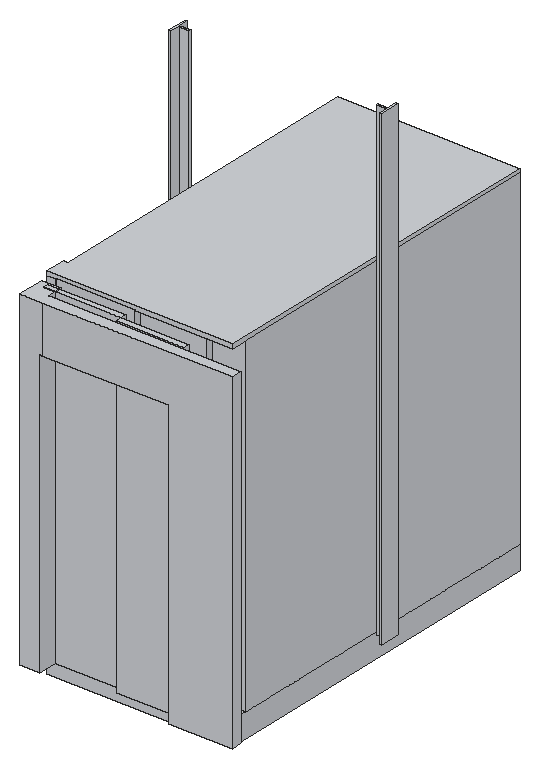
Revit family "M_Ascensor elétrico- com base na parede", category Equipamento especial, Revit 2019
Family settings
  Hospedeiro = Parede
  Cota do conector redondo = Utilizar diâmetro
  Tipo de parte = Normal
  Número OmniClass = 23.50.05.14
  Título OmniClass = Lifts
  ID de item do Seek = Electric Lift- wall based-0000-CAN-ENU
  Sempre na vertical = Sim
  Corte com vazios quando carregada = Não
  Compartilhado = Não
  Ponto de cálculo do ambiente = Não
Parameters (values of type "2100 x 1100mm")
  Largura = 1100 mm
  Fabricante = "Revit"
  Altura do nível = 3000 mm
  Comprimento = 2100 mm
  Material da porta = none
  D1 = 1000 mm
  Código de montagem = "D1010"
Types (3, lengths in mm): name | Largura | Comprimento | D1
  1300 x 950mm | 950 | 1300 | 520
  1400 x 1100mm | 1100 | 1400 | 620
  2100 x 1100mm | 1100 | 2100 | 1000
Reference planes
  plane 1: y = 0
  plane 2 "Centro (Esquerda/Direita)": x = 125
  plane 3 "Parte posterior": y = 100
  plane 4: x = -465.004
  plane 5: x = 875
  plane 6: z = 3000
Forms (mm)
  Extrusion 1, solid, material <- "Material da porta"
    sketch origin (0, -115, 0) x (1, 0, 0) y (0, 1, 0)
      loop
        line (74, 325.861) -> (74, 289.861) -> (498, 289.861) -> (498, 325.861) -> (74, 325.861)
      loop
        line (-415.003, 281) -> (-415.003, 245) -> (80, 245) -> (80, 281) -> (-415.003, 281)
      loop
        line (75, 179.5) -> (-415, 179.5) -> (-415, 143.5) -> (75, 143.5) -> (75, 179.5)
      loop
        line (505, 138) -> (79, 138) -> (79, 102) -> (505, 102) -> (505, 138)
    from 0 to 2100
  Extrusion 2, solid
    sketch origin (0, 0, 0) x (1, 0, 0) y (0, 1, 0)
      loop
        line (-465.004, -95.421) -> (-325.004, -95.421) -> (875, -95.421) -> (875, -25.421) -> (-342.004, -25.421) -> (-342.004, 74.579) -> (-465.004, 74.579) -> (-465.004, -95.421)
    from 0 to 2100
  Extrusion 3, void
    sketch origin (-325.004, -95.421, 2100) x (0, 0, 1) y (1, 0, 0)
      loop
        line (-2100, -17) -> (-300, -17) -> (-300, 800.004) -> (-2100, 800.004) -> (-2100, -17)
    from 0 to 195.421
  Extrusion 4, solid
    sketch origin (0, 0, 0) x (1, 0, 0) y (0, 1, 0)
      loop
        line (-450, 2390) -> (-450, 260.001) -> (-475, 260.001) -> (-475, 130) -> (-417.004, 130) -> (-417.004, 214.002) -> (-392.004, 214.002) -> (-392.004, 260.001) -> (-425, 260.001) -> (-425, 1130) -> (-410.239, 1130) -> (-410.239, 1360) -> (-425, 1360) -> (-425, 2360) -> (675, 2360) -> (675, 260) -> (475, 260) -> (475, 232.175) -> (700, 232.175) -> (700, 2390) -> (-450, 2390)
    from 0 to 2100
  Extrusion 5, solid
    sketch origin (0, 0, 2100) x (1, 0, 0) y (0, 1, 0)
      loop
        line (-450, 2390) -> (-450, 260.001) -> (-475, 260.001) -> (-475, 130) -> (700, 130) -> (700, 2390) -> (-450, 2390)
    from 0 to 25
  Extrusion 6, solid
    sketch origin (0, 0, 0) x (1, 0, 0) y (0, 1, 0)
      loop
        line (700, 2390) -> (-450, 2390) -> (-450, 260.001) -> (-475, 260.001) -> (-475, 130) -> (700, 130) -> (700, 2390)
    from -150 to 0
  Extrusion 7, solid, detail levels medium+fine
    sketch origin (0, 0, 0) x (1, 0, 0) y (0, 1, 0)
      loop
        line (-467.021, 1251.196) -> (-532.107, 1251.196) -> (-535.021, 1308.5) -> (-548.021, 1308.5) -> (-548.021, 1181.5) -> (-535.021, 1181.5) -> (-532.021, 1238.7) -> (-467.021, 1238.7) -> (-467.021, 1251.196)
      loop
        line (717.021, 1238.7) -> (782.021, 1238.7) -> (785.021, 1181.5) -> (798.021, 1181.5) -> (798.021, 1308.5) -> (785.021, 1308.5) -> (782.107, 1251.196) -> (717.021, 1251.196) -> (717.021, 1238.7)
    from 0 to 3000
Cuts and joins
  Extrusion 3 cuts Extrusion 2
Lines and regions (mm)
  Opening 1
    outline origin (-5000, -100, 0) x (1, 0, 0) y (0, 0, 1)
      loop
        line (5875, 0) -> (5875, 2100) -> (4534.996, 2100) -> (4534.996, 0) -> (5875, 0)
  symbolic lines, style "InvisibleLines"
    curve 1: line (-609, 100, 0) -> (-609, 2440, 0)
    curve 2: line (-609, 2440, 0) -> (1091, 2440, 0)
    curve 3: line (1091, 2440, 0) -> (1091, 100, 0)
  symbolic lines, style "SpecialityEquipment", detail levels fine
    curve 4: line (879.672, 2390.548, 0) -> (929.672, 2390.548, 0)
    curve 5: line (929.672, 2390.548, 0) -> (929.672, 2384.548, 0)
    curve 6: line (929.672, 2384.548, 0) -> (907.672, 2384.548, 0)
    curve 7: line (907.672, 2384.548, 0) -> (907.672, 2341.048, 0)
    curve 8: line (907.672, 2341.048, 0) -> (901.672, 2341.048, 0)
    curve 9: line (901.672, 2341.048, 0) -> (901.672, 2384.548, 0)
    curve 10: line (901.672, 2384.548, 0) -> (879.672, 2384.548, 0)
    curve 11: line (879.672, 2384.548, 0) -> (879.672, 2390.548, 0)
    curve 16: line (904.672, 1811.042, 0) -> (904.672, 2390.548, 0)
    curve 67: line (879.672, 1811.042, 0) -> (929.672, 1811.042, 0)
    curve 68: line (929.672, 1811.042, 0) -> (929.672, 1817.042, 0)
    curve 69: line (929.672, 1817.042, 0) -> (907.672, 1817.042, 0)
    curve 70: line (907.672, 1817.042, 0) -> (907.672, 1860.542, 0)
    curve 71: line (907.672, 1860.542, 0) -> (901.672, 1860.542, 0)
    curve 72: line (901.672, 1860.542, 0) -> (901.672, 1817.042, 0)
    curve 73: line (901.672, 1817.042, 0) -> (879.672, 1817.042, 0)
    curve 74: line (879.672, 1817.042, 0) -> (879.672, 1811.042, 0)
  symbolic lines, style "SpecialityEquipment"
    curve 12: line (959.673, 1884.828, 0) -> (849.672, 1884.828, 0)
    curve 13: line (849.672, 1884.828, 0) -> (849.672, 2321.045, 0)
    curve 14: line (849.672, 2321.045, 0) -> (959.673, 2321.045, 0)
    curve 15: line (959.673, 2321.045, 0) -> (959.673, 1884.828, 0)
  symbolic lines, style "SpecialityEquipment", detail levels medium+fine
    curve 17: line (700, 232.175, 0) -> (700, 2390, 0)
    curve 18: line (700, 2390, 0) -> (-450, 2390, 0)
    curve 19: line (-450, 2390, 0) -> (-450, 260.001, 0)
    curve 20: line (-425, 1360, 0) -> (-425, 2360, 0)
    curve 21: line (-425, 2360, 0) -> (675, 2360, 0)
    curve 22: line (675, 2360, 0) -> (675, 260, 0)
    curve 23: line (-425, 260.001, 0) -> (-425, 1130, 0)
    curve 24: line (-410.239, 1360, 0) -> (-450, 1360, 0)
    curve 25: line (-410.239, 1130, 0) -> (-410.239, 1360, 0)
    curve 26: line (-450, 1130, 0) -> (-410.239, 1130, 0)
  symbolic lines, detail levels medium+fine
    curve 27: line (-417.004, 130, 0) -> (-417.004, 214.002, 0)
    curve 28: line (-417.004, 214.002, 0) -> (-392.004, 214.002, 0)
    curve 29: line (-392.004, 214.002, 0) -> (-392.004, 260.001, 0)
    curve 30: line (-392.004, 260.001, 0) -> (-475, 260.001, 0)
    curve 31: line (-475, 260.001, 0) -> (-475, 130, 0)
    curve 32: line (74, 174.861, 0) -> (74, 210.861, 0)
    curve 33: line (74, 210.861, 0) -> (498, 210.861, 0)
    curve 34: line (498, 210.861, 0) -> (498, 174.861, 0)
    curve 35: line (498, 174.861, 0) -> (74, 174.861, 0)
    curve 36: line (-415.003, 166, 0) -> (80, 166, 0)
    curve 37: line (80, 166, 0) -> (80, 130, 0)
    curve 38: line (-415.003, 130, 0) -> (-415.003, 166, 0)
    curve 39: line (75, 64.5, 0) -> (-415, 64.5, 0)
    curve 40: line (-415, 64.5, 0) -> (-415, 28.5, 0)
    curve 41: line (-415, 28.5, 0) -> (75, 28.5, 0)
    curve 42: line (75, 28.5, 0) -> (75, 64.5, 0)
    curve 43: line (505, 23, 0) -> (79, 23, 0)
    curve 44: line (79, 23, 0) -> (79, -13, 0)
    curve 45: line (79, -13, 0) -> (505, -13, 0)
    curve 46: line (505, -13, 0) -> (505, 23, 0)
    curve 47: line (-417.004, 74.579, 0) -> (-417.004, -25.421, 0)
    curve 48: line (-417.004, -25.421, 0) -> (-400.004, -25.421, 0)
    curve 49: line (-400.004, -25.421, 0) -> (-400.004, -95.421, 0)
    curve 50: line (-400.004, -95.421, 0) -> (-465.004, -95.421, 0)
    curve 51: line (-465.004, -95.421, 0) -> (-465.004, 74.579, 0)
    curve 52: line (-465.004, 74.579, 0) -> (-417.004, 74.579, 0)
    curve 53: line (-475, 130, 0) -> (-417.004, 130, 0)
    curve 54: line (-415.003, 130, 0) -> (80, 130, 0)
    curve 55: line (-417.004, 74.579, 0) -> (875, 74.579, 0)
    curve 56: line (875, 74.579, 0) -> (875, -25.422, 0)
    curve 57: line (875, -25.422, 0) -> (615, -25.422, 0)
    curve 58: line (615, -25.422, 0) -> (615, -69.545, 0)
    curve 59: line (615, -69.545, 0) -> (475, -69.545, 0)
    curve 60: line (475, -69.545, 0) -> (475, -25.422, 0)
    curve 61: line (475, -25.422, 0) -> (615, -25.422, 0)
    curve 62: line (700, 232.175, 0) -> (475, 232.175, 0)
    curve 63: line (475, 232.175, 0) -> (475, 260, 0)
    curve 64: line (475, 260, 0) -> (675, 260, 0)
    curve 65: line (750, 260, 0) -> (750, 130, 0)
    curve 66: line (750, 130, 0) -> (80, 130, 0)
    curve 75: line (785.021, 1308.5, 0) -> (798.021, 1308.5, 0)
    curve 76: line (782.107, 1251.196, 0) -> (785.021, 1308.5, 0)
    curve 77: line (798.021, 1308.5, 0) -> (798.021, 1181.5, 0)
    curve 78: line (717.021, 1251.196, 0) -> (782.107, 1251.196, 0)
    curve 79: line (717.021, 1251.196, 0) -> (717.021, 1238.7, 0)
    curve 80: line (717.021, 1238.7, 0) -> (782.021, 1238.7, 0)
    curve 81: line (782.021, 1238.7, 0) -> (785.021, 1181.5, 0)
    curve 82: line (785.021, 1181.5, 0) -> (798.021, 1181.5, 0)
    curve 83: line (-535.021, 1308.5, 0) -> (-548.021, 1308.5, 0)
    curve 84: line (-532.107, 1251.196, 0) -> (-535.021, 1308.5, 0)
    curve 85: line (-548.021, 1308.5, 0) -> (-548.021, 1181.5, 0)
    curve 86: line (-467.021, 1251.196, 0) -> (-532.107, 1251.196, 0)
    curve 87: line (-467.021, 1251.196, 0) -> (-467.021, 1238.7, 0)
    curve 88: line (-467.021, 1238.7, 0) -> (-532.021, 1238.7, 0)
    curve 89: line (-532.021, 1238.7, 0) -> (-535.021, 1181.5, 0)
    curve 90: line (-535.021, 1181.5, 0) -> (-548.021, 1181.5, 0)
    curve 91: line (700, 260, 0) -> (750, 260, 0)
    curve 98: line (-465.004, 100, 0) -> (875, 100, 0)
  symbolic lines, detail levels coarse
    curve 92: line (-425, 2360, 0) -> (675, 2360, 0)
    curve 93: line (675, 2360, 0) -> (675, 260, 0)
    curve 94: line (-425, 260.001, 0) -> (-425, 2360, 0)
    curve 95: line (-425, 260, 0) -> (675, 260, 0)
    curve 96: line (-425, 2360, 0) -> (675, 260, 0)
    curve 97: line (675, 2360, 0) -> (-425, 260.001, 0)
Text (mm)
  text "Lado da colocação" at (-2223.83, 916.262, 0), in view "Nível de referência"
  text "Lado da colocação" at (0, 1605.175, 2923.955), in view "Esquerda"
  text "Lado da colocação" at (0, 595.982, 3004.978), in view "Direita"
Dimensions and locks
  locked: plane 3 "Parte posterior" to host wall at 0
  plane 3 "Parte posterior" to curve 2 = 2340 mm
  curve 1 to curve 3 = 1700 mm
  curve 13 to curve 15 = 110.002 mm
  curve 12 to curve 14 = 436.217 mm  (x2)
  locked: curve 19 to curve 20 at 25
  locked: curve 21 to curve 18 at 30
  locked: curve 22 to curve 17 at 25
  locked: curve 19 to curve 25 at 39.761
  locked: curve 24 to curve 26 at 230
  curve 32 to curve 34 = 424 mm
  locked: curve 35 to curve 33 at 36
  locked: curve 54 to curve 36 at 36
  locked: curve 41 to curve 39 at 36
  locked: curve 43 to curve 45 at 36
  equal spacing: plane 4, curve 31, curve 1
  locked: curve 17 to curve 13 at 149.672
  locked: curve 19 to curve 23 at 25
  "Largura": curve 20 to curve 22
  locked: curve 66 to curve 54 at 0
  locked: curve 66 to curve 64 at 130.001
  locked: curve 57 to curve 55 at 100
  plane 3 "Parte posterior" to curve 64 = 160 mm
  locked: curve 2 to curve 18 at 50
  locked: curve 1 to curve 19 at 159
  locked: curve 17 to curve 3 at 391
  locked: curve 30 to curve 53 at 130.001
  locked: curve 50 to curve 52 at 170
  curve 31 to curve 27 to curve 29 = 57.996 mm locked, 25 mm locked
  locked: curve 47 to curve 49 at 17
  curve 60 to curve 58 to curve 56 = 140 mm locked, 260 mm locked
  locked: curve 30 to curve 64 at 0
  "Comprimento": curve 64 to curve 21
  locked: curve 31 to curve 19 at 25
  locked: curve 80 to curve 78 at 12.496
  locked: curve 79 to curve 77 at 81
  locked: curve 82 to curve 75 at 127
  locked: curve 17 to curve 79 at 17.021
  locked: curve 88 to curve 86 at 12.496
  locked: curve 90 to curve 83 at 127
  locked: curve 87 to curve 19 at 17.021
  equal spacing: curve 20, plane 2 "Centro (Esquerda/Direita)", curve 22
  locked: curve 14 to curve 2 at 118.955
  locked: curve 85 to curve 87 at 81
  locked: curve 85 to curve 86 at 15.914
  locked: curve 85 to curve 89 at 16
  locked: curve 85 to curve 90 at 13
  locked: curve 85 to curve 84 at 13
  "D1": curve 21 to curve 24
  locked: curve 78 to curve 77 at 15.914
  locked: curve 76 to curve 77 at 13
  locked: curve 81 to curve 77 at 16
  locked: curve 82 to curve 77 at 13
  locked: curve 78 to curve 75 at 57.305
  locked: curve 59 to curve 61 at 44.123
  locked: curve 50 to curve 48 at 70
  "Largura": curve 94 to curve 93
  "Comprimento": curve 95 to curve 92
  locked: curve 83 to curve 86 at 57.304
  "Altura do nível": level to plane 6
  equal spacing: curve 13, curve 16, curve 15
  locked: curve 11 to curve 5 at 50
  locked: curve 9 to curve 7 at 6
  locked: curve 13 to curve 11 at 30
  locked: curve 72 to curve 70 at 6
  locked: curve 74 to curve 68 at 50
  locked: curve 13 to curve 74 at 30
  locked: curve 74 to curve 72 at 22
  locked: curve 11 to curve 9 at 22
  aligned and locked: plane 1 to host wall
  aligned and locked: Extrusion 1 sketch curve to curve 33
  aligned and locked: Extrusion 1 sketch curve to curve 34
  aligned and locked: Extrusion 1 sketch curve to curve 35
  aligned and locked: Extrusion 1 sketch curve to curve 32
  aligned and locked: Extrusion 1 sketch curve to curve 36
  aligned and locked: Extrusion 1 sketch curve to curve 37
  aligned and locked: Extrusion 1 sketch curve to curve 54
  aligned and locked: Extrusion 1 sketch curve to curve 38
  aligned and locked: Extrusion 1 sketch curve to curve 39
  aligned and locked: Extrusion 1 sketch curve to curve 40
  aligned and locked: Extrusion 1 sketch curve to curve 41
  aligned and locked: Extrusion 1 sketch curve to curve 42
  aligned and locked: Extrusion 1 sketch curve to curve 43
  aligned and locked: Extrusion 1 sketch curve to curve 44
  aligned and locked: Extrusion 1 sketch curve to curve 45
  aligned and locked: Extrusion 1 sketch curve to curve 46
  aligned and locked: curve 27 to curve 47
  aligned and locked: curve 86 to curve 78
  aligned and locked: plane 5 to Opening 1 sketch curve
  aligned and locked: plane 4 to Extrusion 2 sketch curve
  aligned and locked: Extrusion 2 sketch curve to plane 5
  aligned and locked: host wall to Extrusion 3
  aligned and locked: Extrusion 4 sketch curve to curve 19
  aligned and locked: Extrusion 4 sketch curve to curve 18
  aligned and locked: Extrusion 4 sketch curve to curve 17
  aligned and locked: Extrusion 4 sketch curve to curve 62
  aligned and locked: Extrusion 4 sketch curve to curve 64
  aligned and locked: Extrusion 4 sketch curve to curve 22
  aligned and locked: Extrusion 4 sketch curve to curve 63
  aligned and locked: Extrusion 4 sketch curve to curve 21
  aligned and locked: Extrusion 4 sketch curve to curve 20
  aligned and locked: Extrusion 4 sketch curve to curve 25
  aligned and locked: Extrusion 4 sketch curve to curve 23
  aligned and locked: Extrusion 4 sketch curve to curve 24
  aligned and locked: curve 26 to Extrusion 4 sketch curve
  aligned and locked: Extrusion 4 sketch curve to curve 31
  aligned and locked: Extrusion 4 sketch curve to curve 30
  aligned and locked: Extrusion 4 sketch curve to curve 53
  aligned and locked: Extrusion 4 sketch curve to curve 27
  aligned and locked: Extrusion 4 sketch curve to curve 28
  aligned and locked: Extrusion 4 sketch curve to curve 29
  aligned and locked: Extrusion 5 sketch curve to Extrusion 4  (x6)
  aligned and locked: Extrusion 6 sketch curve to Extrusion 5  (x6)
  aligned and locked: Extrusion 7 sketch curve to curve 86
  aligned and locked: Extrusion 7 sketch curve to curve 84
  aligned and locked: Extrusion 7 sketch curve to curve 83
  aligned and locked: Extrusion 7 sketch curve to curve 85
  aligned and locked: Extrusion 7 sketch curve to curve 90
  aligned and locked: Extrusion 7 sketch curve to curve 89
  aligned and locked: Extrusion 7 sketch curve to curve 88
  aligned and locked: Extrusion 7 sketch curve to curve 87
  aligned and locked: Extrusion 7 sketch curve to curve 80
  aligned and locked: Extrusion 7 sketch curve to curve 81
  aligned and locked: Extrusion 7 sketch curve to curve 82
  aligned and locked: Extrusion 7 sketch curve to curve 77
  aligned and locked: Extrusion 7 sketch curve to curve 75
  aligned and locked: Extrusion 7 sketch curve to curve 76
  aligned and locked: Extrusion 7 sketch curve to curve 78
  aligned and locked: Extrusion 7 sketch curve to curve 79
  aligned and locked: Extrusion 7 to plane 6
  aligned and locked: Extrusion 7 to level
  aligned and locked: curve 51 to plane 4
  aligned: host wall to curve 1
  aligned: host wall to curve 3
Automatic sketch dimensions
  Opening 1 sketch curve to level = 0 mm
  Opening 1 sketch curve to plane 4 = 0 mm
  level to Opening 1 sketch curve = 2100 mm
  Extrusion 2 sketch curve to host wall = 25.421 mm
  Extrusion 2 sketch curve to plane 4 = 123 mm
  Extrusion 2 sketch curve to host wall = 4.579 mm
  Extrusion 2 sketch curve to Extrusion 2 sketch curve = 17 mm
  host wall to Extrusion 2 sketch curve = 25.421 mm  (x2)
  Extrusion 3 sketch curve to level = 0 mm
  plane 5 to Extrusion 3 sketch curve = 400 mm
  level to Extrusion 3 sketch curve = 1800 mm
  Extrusion 3 sketch curve to plane 4 = 123 mm
  Extrusion 4 sketch curve to Extrusion 4 sketch curve = 0 mm
  curve 98 to host wall = 0 mm
  curve 98 to plane 4 = 0 mm
  curve 98 to plane 5 = 0 mm
  curve 56 to plane 5 = 0 mm
  curve 1 to host wall = 0 mm
  curve 3 to host wall = 0 mm
  curve 95 to curve 97 = 0 mm
  curve 27 to curve 38 = 2 mm
  curve 47 to curve 40 = 2.004 mm
  curve 33 to plane 2 "Centro (Esquerda/Direita)" = 51 mm
  curve 42 to plane 2 "Centro (Esquerda/Direita)" = 50 mm
  host wall to curve 45 = 13 mm
  curve 41 to curve 45 = 4 mm
  curve 32 to curve 36 = 6 mm
  curve 37 to curve 66 = 0 mm
  curve 63 to curve 33 = 23 mm
  curve 60 to curve 46 = 30 mm
  curve 17 to curve 65 = 50 mm
  host wall to curve 48 = 25.421 mm
  curve 40 to host wall = 28.5 mm
  curve 36 to curve 32 = 8.861 mm
  curve 29 to curve 29 = 45.999 mm
  curve 62 to curve 22 = 27.826 mm
  curve 17 to curve 91 = 27.826 mm
  curve 26 to curve 89 = 51.5 mm
  curve 68 to curve 12 = 73.786 mm
  curve 67 to curve 74 = 6 mm
  curve 67 to curve 69 = 6 mm
  curve 69 to curve 71 = 43.5 mm
  curve 13 to curve 8 = 20.003 mm
  curve 7 to curve 6 = 43.5 mm
  curve 9 to curve 6 = 0 mm
  curve 6 to curve 16 = 6 mm
